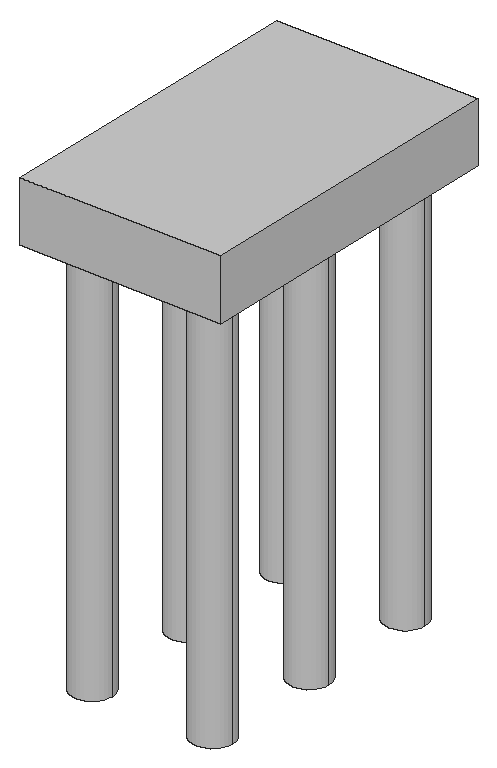
Revit family "Bloco de fundação - 6 Estacas", category Fundações estruturais, Revit 2019
Family settings
  Material para o comportamento do modelo = Outros
  Cap = Não
  Com base no plano de trabalho = Não
  Sempre na vertical = Sim
  Corte com vazios quando carregada = Não
  Compartilhado = Não
Parameters (values of type "4800x3000x900mm")
  Largura = 3000 mm
  Structural Material [instance] = Concreto - Moldado in loco
  Tipo do pilar [instance] = Estaca de concreto : Diâmetro de 600 mm
  Profundidade da estaca [instance] = 6000 mm
  Comprimento = 4800 mm
  Espessura da fundação = 900 mm
  Cortado = 100 mm
  Apuramento = 600 mm
  Código de montagem = "A1010130"
Reference planes
  plane 1 "Centro (Frente/Trás)": y = 0
  plane 2: z = 0
  plane 3 "Centro (Esquerda/Direita)": x = 0
  plane 4: x = -1500
  plane 5: x = 1500
  plane 6: y = 2400
  plane 7: y = -2400
  plane 8: z = -900
  plane 9: x = -900
  plane 10: x = 900
  plane 11: y = 1800
  plane 12: y = -1800
  plane 13: z = -800
  plane 14: z = -6900
Forms (mm)
  Extrusion 1, solid, material "Concreto - Moldado in loco" <- "Structural Material"
    sketch origin (0, 0, 0) x (1, 0, 0) y (0, 1, 0)
      loop
        line (-1500, 2400) -> (-1500, -2400) -> (1500, -2400) -> (1500, 2400) -> (-1500, 2400)
    from -900 to 0
Dimensions and locks
  "Largura": plane 4 to plane 5
  "Comprimento": plane 6 to plane 7
  equal spacing: plane 6, plane 1 "Centro (Frente/Trás)", plane 7
  equal spacing: plane 4, plane 3 "Centro (Esquerda/Direita)", plane 5
  "Espessura da fundação": plane 2 to plane 8
  "Apuramento": plane 4 to plane 9
  "Apuramento": plane 10 to plane 5
  "Apuramento": plane 6 to plane 11
  "Apuramento": plane 7 to plane 12
  "Cortado": plane 13 to plane 8
  "Profundidade da estaca": plane 8 to plane 14
  aligned and locked: Extrusion 1 sketch curve to plane 4
  aligned and locked: Extrusion 1 sketch curve to plane 5
  aligned and locked: Extrusion 1 sketch curve to plane 6
  aligned and locked: plane 7 to Extrusion 1 sketch curve
  aligned and locked: level to Extrusion 1
  aligned and locked: Extrusion 1 to plane 8
  aligned and locked: plane 9 to nested 4
  aligned and locked: nested 4 to plane 11
  aligned and locked: plane 12 to nested 1
  aligned and locked: nested 1 to plane 9
  aligned and locked: nested 2 to plane 10
  aligned and locked: plane 12 to nested 2
  aligned and locked: plane 11 to nested 3
  aligned and locked: plane 10 to nested 3
  aligned and locked: plane 1 "Centro (Frente/Trás)" to nested 5
  aligned and locked: nested 5 to plane 9
  aligned and locked: plane 1 "Centro (Frente/Trás)" to nested 6
  aligned and locked: plane 10 to nested 6
  aligned and locked: plane 13 to nested 4
  aligned and locked: plane 13 to nested 5
  aligned and locked: plane 13 to nested 1
  aligned and locked: plane 13 to nested 3
  aligned and locked: plane 13 to nested 6
  aligned and locked: plane 13 to nested 2
Nested families
  nested 1: "Estaca de concreto" at (-900, -1800, -900), type <- "Tipo do pilar", Emblocamento mínimo <- "Cortado", Linear <- "Profundidade da estaca", type "Diâmetro de 600 mm"
  nested 2: "Estaca de concreto" at (900, -1800, -900), type <- "Tipo do pilar", Emblocamento mínimo <- "Cortado", Linear <- "Profundidade da estaca", type "Diâmetro de 600 mm"
  nested 3: "Estaca de concreto" at (900, 1800, -900), type <- "Tipo do pilar", Emblocamento mínimo <- "Cortado", Linear <- "Profundidade da estaca", type "Diâmetro de 600 mm"
  nested 4: "Estaca de concreto" at (-900, 1800, -900), type <- "Tipo do pilar", Emblocamento mínimo <- "Cortado", Linear <- "Profundidade da estaca", type "Diâmetro de 600 mm"
  nested 5: "Estaca de concreto" at (-900, 0, -900), type <- "Tipo do pilar", Emblocamento mínimo <- "Cortado", Linear <- "Profundidade da estaca", type "Diâmetro de 600 mm"
  nested 6: "Estaca de concreto" at (900, 0, -900), type <- "Tipo do pilar", Emblocamento mínimo <- "Cortado", Linear <- "Profundidade da estaca", type "Diâmetro de 600 mm"
Definition of nested family "Estaca de concreto"
  Parameters
    Structural Material [instance] = none
    Raio = Diâmetro / 2  # 300 mm
    Emblocamento mínimo [instance] = 100 mm
    Diâmetro = 600 mm
    Linear [instance] = 6000 mm
  Reference planes
    plane 1 "Centro (Frente/Trás)": y = 0
    plane 2: z = 0
    plane 3 "Centro (Esquerda/Direita)": x = 0
    plane 4: z = 100
    plane 5: z = -6000
  Forms (mm)
    Extrusion 1, solid, material <- "Structural Material"
      sketch origin (0, 0, 0) x (1, 0, 0) y (0, 1, 0)
        loop
          circle (0, 0) r 300
      from -6000 to 100
  Dimensions and locks
    "Emblocamento mínimo": plane 4 to plane 2
    "Linear": plane 2 to plane 5
    "Raio": radius of Extrusion 1 sketch curve
    aligned and locked: plane 2 to level
    aligned and locked: plane 1 "Centro (Frente/Trás)" to Extrusion 1 sketch curve
    aligned and locked: plane 3 "Centro (Esquerda/Direita)" to Extrusion 1 sketch curve
    aligned and locked: Extrusion 1 to plane 5
    aligned and locked: plane 4 to Extrusion 1
